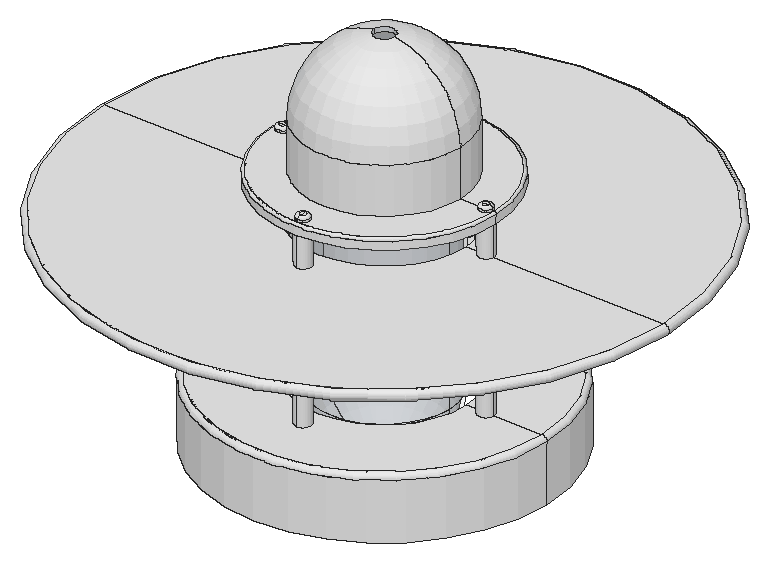
Revit family "ORB14 SHADE", category Lighting Fixtures, Revit 2024
Family settings
  Round Connector Dimension = Use Diameter
  Part Type = Normal
  OmniClass Number = 23.80.70.00
  OmniClass Title = Lighting
  Work Plane-Based = No
  Always vertical = Yes
  Cut with Voids When Loaded = No
  Light Source = No
  Maintain Annotation Orientation = No
  Shared = No
  Room Calculation Point = No
Parameters
  Default Elevation = 0' - 0"
Reference planes (in)
  plane 1 "Light Source Axis (F/B)": y = 0
  plane 2: z = 0
  plane 3 "Light Source Axis (L/R)": x = 0
  plane 4 "Light Source Elevation": z = 54
Forms (in)
  Revolve 1, solid
    sketch origin (0, 0, 0) x (1, 0, 0) y (0, 0, 1)
      loop
        line (-4, 54) -> (-3.90625, 54) -> (-3.90625, 55.375)
        arc (-3.90625, 55.375) -> (-3.8971, 55.3971) -> (-3.875, 55.40625) r 0.03125
        line (-3.875, 55.40625) -> (-2.03492, 55.40625) -> (-2.03492, 55.5) -> (-3.875, 55.5)
        arc (-3.875, 55.5) -> (-3.96339, 55.46339) -> (-4, 55.375) r 0.125
        line (-4, 55.375) -> (-4, 54)
      loop
        line (-3.06384, 57.25538) -> (-2.03492, 57.25538) -> (-2.03492, 57.50269) -> (-3.06384, 57.50269)
        arc (-3.06384, 57.50269) -> (-3.1875, 57.37903) -> (-3.06384, 57.25538) r 0.12366
      loop
        line (-6.87634, 58.75269) -> (-2.03492, 58.75269) -> (-2.03492, 59) -> (-6.87634, 59)
        arc (-6.87634, 59) -> (-7, 58.87634) -> (-6.87634, 58.75269) r 0.12366
      loop
        line (-2.75, 59.9375) -> (-2.75, 59.75) -> (-2.65625, 59.75) -> (-2.65625, 59.90625) -> (-1.78125, 59.90625) -> (-1.78125, 61.125)
        arc (-1.78125, 61.125) -> (-1.34502, 62.29281) -> (-0.25, 62.88862) r 1.78125
        line (-0.25, 62.88862) -> (-0.25, 62.98326)
        arc (-0.25, 62.98326) -> (-1.41145, 62.35928) -> (-1.875, 61.125) r 1.875
        line (-1.875, 61.125) -> (-1.875, 60) -> (-2.6875, 60)
        arc (-2.6875, 60) -> (-2.73169, 59.98169) -> (-2.75, 59.9375) r 0.0625
      loop
        line (-1.6, 59.75) -> (-1.6, 55.25)
        arc (-1.6, 55.25) -> (-1.13137, 54.11863) -> (0, 53.65) r 1.6
        line (0, 53.65) -> (0, 53.74375)
        arc (0, 53.74375) -> (-1.06508, 54.18492) -> (-1.50625, 55.25) r 1.50625
        line (-1.50625, 55.25) -> (-1.50625, 59.75) -> (-1.6, 59.75)
      axis (0, 62.98326) -> (0, 53.65)
    angle from 0 to 360
  Revolve 2, solid
    sketch origin (0, 0, 0) x (1, 0, 0) y (0, 0, 1)
      loop
        line (-2.5, 55.5) -> (-2.5, 60.10218) -> (-2.59, 60.10218)
        arc (-2.59, 60.10218) -> (-2.63243, 60.08461) -> (-2.65, 60.04218) r 0.06
        line (-2.65, 60.04218) -> (-2.65, 60) -> (-2.65, 59.75) -> (-2.6875, 59.75) -> (-2.6875, 55.5) -> (-2.5, 55.5)
      axis (-2.5, 60.10218) -> (-2.5, 55.5)
    angle from 0 to 360
  Revolve 3, solid
    sketch origin (0, 0, 0) x (0, -1, 0) y (0, 0, 1)
      loop
        line (-2.5, 55.5) -> (-2.5, 60.10218) -> (-2.59, 60.10218)
        arc (-2.59, 60.10218) -> (-2.63243, 60.08461) -> (-2.65, 60.04218) r 0.06
        line (-2.65, 60.04218) -> (-2.65, 60) -> (-2.65, 59.75) -> (-2.6875, 59.75) -> (-2.6875, 55.5) -> (-2.5, 55.5)
      axis (-2.5, 60.10218) -> (-2.5, 55.5)
    angle from 0 to 360
  Revolve 4, solid
    sketch origin (0, 0, 0) x (0, 1, 0) y (0, 0, 1)
      loop
        line (-2.5, 55.5) -> (-2.5, 60.10218) -> (-2.59, 60.10218)
        arc (-2.59, 60.10218) -> (-2.63243, 60.08461) -> (-2.65, 60.04218) r 0.06
        line (-2.65, 60.04218) -> (-2.65, 60) -> (-2.65, 59.75) -> (-2.6875, 59.75) -> (-2.6875, 55.5) -> (-2.5, 55.5)
      axis (-2.5, 60.10218) -> (-2.5, 55.5)
    angle from 0 to 360
  Revolve 5, solid
    sketch origin (0, 0, 0) x (-1, 0, 0) y (0, 0, 1)
      loop
        line (-2.5, 55.5) -> (-2.5, 60.10218) -> (-2.59, 60.10218)
        arc (-2.59, 60.10218) -> (-2.63243, 60.08461) -> (-2.65, 60.04218) r 0.06
        line (-2.65, 60.04218) -> (-2.65, 60) -> (-2.65, 59.75) -> (-2.6875, 59.75) -> (-2.6875, 55.5) -> (-2.5, 55.5)
      axis (-2.5, 60.10218) -> (-2.5, 55.5)
    angle from 0 to 360
Dimensions and locks (in)
  aligned and locked: level to plane 2
